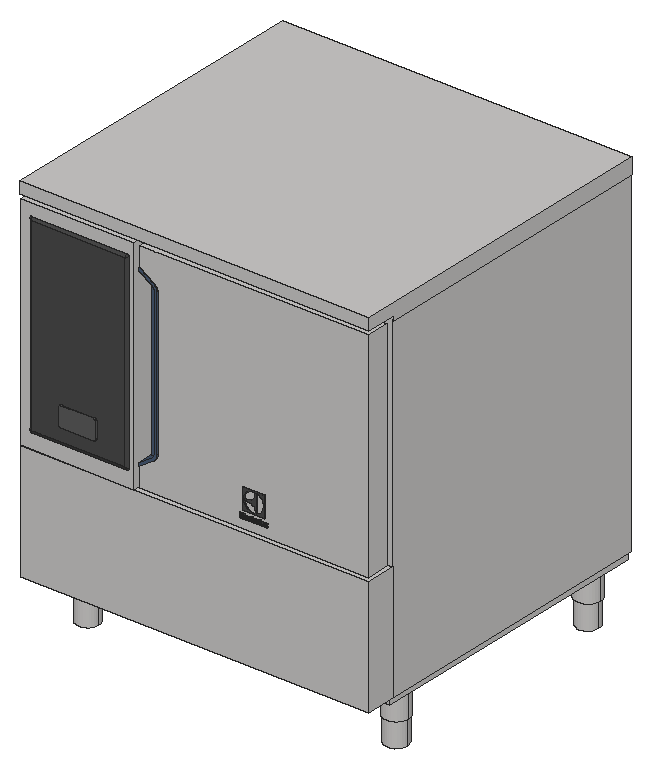
Revit family "QF_ELECTROLUXPROFESSIONAL_727733_EBFA61RTE", category Specialty Equipment, Revit 2018
Family settings
  Round Connector Dimension = Use Diameter
  Part Type = Normal
  Work Plane-Based = No
  Always vertical = Yes
  Cut with Voids When Loaded = No
  Shared = No
  Room Calculation Point = No
Parameters
  Weight = 0.00 kg
  Watts = 0 W
  Volts = 220 V
  URL Manufacturer = "http://professional.electrolux.com"
  URL = "http://professional.electrolux.com"
  Steam Supply Size = 0 mm
  Steam Supply Minimum Pressure = 0.0 Pa
  Steam Supply Maximum Pressure = 0.0 Pa
  Steam Pounds per Hour = 0
  Show Logo [instance] = yes
  Show Clearance [instance] = yes
  Refrigeration Suction Line Size = 0 mm
  Refrigeration Liquid Line Size = 0 mm
  Refrigerant Compressor Remote = yes
  Manufacturer = "Electrolux"
  Phase = 1
  Model = "EBFA61RTE"
  Length Actual = 897 mm  # constant formula
  Item Number = "727733"
  Hot Water Size = 0 mm
  Height Actual = 1060 mm  # constant formula
  HP = "1.3 HP"
  Gas Size = 0 mm
  Gas KW = 0
  Gas Input Pressure = 0 W
  Direct Waste Size = 139.7 mm
  Description = "SKYLINE CHILLS BLAST CHILLER FREEZER 30/30KG 6 GN 1/1 - WITH TOP - REMOTE REFRIGERATING UNIT"
  Depth Actual = 937 mm  # constant formula
  Cycle = 60 Hz
  Condensate Return Size = 0 mm
  Compressed Air Volume = 0.0 L/s
  Compressed Air Size = 0 mm
  Compressed Air Pressure = 0.0 Pa
  Cold Water Size = 0 mm
  Accessory = yes
Reference planes
  plane 1 "Center X": y = 126.851
  plane 2: z = 0
  plane 3 "Center Y": x = -311.5
  plane 4 "LEFT": x = -760
  plane 5 "BACK": y = 548.851
  plane 6 "RIGHT": x = 137
  plane 7 "FRONT": y = -295.149
  plane 8: z = 130
  plane 9 "TOP": z = 1060.038
  plane 10: x = -708
  plane 11: y = 473.851
  plane 12: x = 85
  plane 13: y = -142.149
  plane 14: z = 1020.038
  plane 15: y = 641.851
  plane 16: y = -847.149
Forms (mm)
  Extrusion 1, solid, material "QF_Finishes_Stainless Steel"
    sketch origin (0, 0, 1060.038) x (-1, 0, 0) y (0, -1, 0)
      loop
        line (759, -548.851) -> (759, 216.149) -> (-136, 216.149) -> (-136, -548.851) -> (759, -548.851)
    from -40 to -910.018
  Extrusion 2, solid, material "QF_Finishes_Stainless Steel"
    sketch origin (0, -295.149, 0) x (-1, 0, 0) y (0, 0, 1)
      loop
        line (451.2, 1020.033) -> (-135.995, 1020.033) -> (-135.995, 462.497) -> (451.2, 462.497) -> (451.2, 513.683) -> (415.41, 537.406)
        arc (415.41, 537.406) -> (408.839, 544.616) -> (406.46, 554.076) r 20
        line (406.46, 554.076) -> (406.46, 928.989)
        arc (406.46, 928.989) -> (408.716, 937.969) -> (414.947, 944.816) r 19
        line (414.947, 944.816) -> (451.2, 968.898) -> (451.2, 1020.033)
    from 0 to 60
  Extrusion 3, void
    sketch origin (-759, -216.149, 1060.038) x (-1, 0, 0) y (0, 0, 1)
      loop
        line (-370.8, -100) -> (-826.8, -100) -> (-826.8, -491.98) -> (-370.8, -491.98) -> (-370.8, -100)
    from 0 to 703
  Extrusion 4, solid, material "QF_Finishes_Stainless Steel"
    sketch origin (-760, -0.954, 0) x (0, 1, 0) y (0, 0, 1)
      loop
        line (549.805, 694.306) -> (549.805, 392.314) -> (635.5, 399.789)
        arc (635.5, 399.789) -> (640.702, 402.354) -> (642.805, 407.759) r 8
        line (642.805, 407.759) -> (642.805, 433.233)
        arc (642.805, 433.233) -> (638.783, 442.547) -> (642.805, 451.86) r 12.795
        line (642.805, 451.86) -> (642.805, 483.24)
        arc (642.805, 483.24) -> (638.783, 492.554) -> (642.805, 501.867) r 12.795
        line (642.805, 501.867) -> (642.805, 533.247)
        arc (642.805, 533.247) -> (638.783, 542.56) -> (642.805, 551.874) r 12.795
        line (642.805, 551.874) -> (642.805, 583.254)
        arc (642.805, 583.254) -> (638.783, 592.567) -> (642.805, 601.881) r 12.795
        line (642.805, 601.881) -> (642.805, 634.796)
        arc (642.805, 634.796) -> (641.466, 639.795) -> (637.808, 643.455) r 10
        line (637.808, 643.455) -> (549.805, 694.306)
    from 123.244 to 306.92
  Extrusion 5, solid, material "QF_Finishes_Stainless Steel"
    sketch origin (-817.599, 548.851, 1060.038) x (1, 0, 0) y (0, 0, -1)
      loop
        circle (121.599, 802.038) r 10.5
    from 0 to 29
  Extrusion 6, solid, material "QF_Finishes_Stainless Steel"
    sketch origin (0, -235.149, 0) x (-1, 0, 0) y (0, 0, 1)
      loop
        arc (406.46, 554.076) -> (408.839, 544.616) -> (415.41, 537.406) r 20
        line (415.41, 537.406) -> (451.2, 513.683) -> (451.2, 968.898) -> (414.947, 944.816)
        arc (414.947, 944.816) -> (408.716, 937.969) -> (406.46, 928.989) r 19
        line (406.46, 928.989) -> (406.46, 554.076)
    from -21 to 0
  Extrusion 7, solid, material "QF_Finishes_Electrolux_Blue"
    sketch origin (0, -295.149, 0) x (1, 0, 0) y (0, 0, 1)
      loop
        line (-451.2, 968.898) -> (-453.7, 968.898) -> (-453.7, 962.755) -> (-418.543, 939.401)
        arc (-418.543, 939.401) -> (-414.444, 934.897) -> (-412.96, 928.989) r 12.5
        line (-412.96, 928.989) -> (-412.96, 554.076)
        arc (-412.96, 554.076) -> (-414.566, 547.691) -> (-419.001, 542.824) r 13.5
        line (-419.001, 542.824) -> (-453.7, 519.824) -> (-453.7, 513.683) -> (-451.2, 513.683) -> (-415.41, 537.406)
        arc (-415.41, 537.406) -> (-408.839, 544.616) -> (-406.46, 554.076) r 20
        line (-406.46, 554.076) -> (-406.46, 928.989)
        arc (-406.46, 928.989) -> (-408.716, 937.969) -> (-414.947, 944.816) r 19
        line (-414.947, 944.816) -> (-451.2, 968.898)
    from -39 to 1
  Extrusion 8, solid, material "QF_Finishes_Stainless Steel"
    sketch origin (0, 0, 1060.038) x (-1, 0, 0) y (0, -1, 0)
      loop
        line (759, 295.149) -> (467.2, 295.149) -> (467.2, 217.149) -> (759, 217.149) -> (759, 295.149)
    from -40 to -607
  Extrusion 9, solid, material "QF_Finishes_Stainless Steel"
    sketch origin (-1206.916, -1524, 130) x (-1, 0, 0) y (0, -1, 0)
      loop
        line (-447.916, -1228.851) -> (-1342.916, -1228.851) -> (-1342.916, -1306.851) -> (-447.916, -1306.851) -> (-447.916, -1228.851)
    from 322 to 20.02
  Extrusion 10, solid, material "QF_Finishes_Stainless Steel"
    sketch origin (-311.5, 0, 0) x (0, 1, 0) y (0, 0, 1)
      loop
        line (548.851, 1060.038) -> (-295.149, 1060.038) -> (-295.149, 1030.034) -> (-216.149, 1030.034) -> (-216.149, 1020.038) -> (548.851, 1020.038) -> (548.851, 1060.038)
    from -448.5 to 448.5
  Extrusion 11, solid, material "QF_Finishes_Stainless Steel"
    sketch origin (0, 0, 1060.038) x (-1, 0, 0) y (0, -1, 0)
      loop
        line (748.993, -548.851) -> (748.993, 214.216) -> (-125.993, 214.216) -> (-125.993, -548.851) -> (748.993, -548.851)
    from -910.018 to -930.038
  Extrusion 12, solid, material "QF_Finishes_Stainless Steel"
    sketch origin (0, 0, 130) x (0, -1, 0) y (-1, 0, 0)
      loop
        circle (-215.851, 360) r 9.5
    from 0 to 31.68
  Extrusion 13, void
    sketch origin (0, 0, 1060.038) x (-1, 0, 0) y (0, -1, 0)
      loop
        line (627.033, -641.851) -> (636.756, -641.851) -> (636.756, -548.851) -> (635.125, -548.851) -> (627.033, -641.851)
      loop
        line (454.711, -548.851) -> (453.08, -548.851) -> (453.08, -641.851) -> (462.803, -641.851) -> (454.711, -548.851)
    from -673 to -363
  Extrusion 14, solid, material "QF_Door-Drawer Clearances", visible <- "Show Clearance", detail levels coarse
    sketch origin (143, -393.449, 0) x (0, -1, 0) y (0, 0, 1)
      loop
        line (451.2, 1020.033) -> (-98.3, 1020.033) -> (-98.3, 462.497) -> (451.2, 462.497) -> (451.2, 513.683) -> (415.41, 537.406)
        arc (415.41, 537.406) -> (408.839, 544.616) -> (406.46, 554.076) r 20
        line (406.46, 554.076) -> (406.46, 928.989)
        arc (406.46, 928.989) -> (408.716, 937.969) -> (414.947, 944.816) r 19
        line (414.947, 944.816) -> (451.2, 968.898) -> (451.2, 1020.033)
    from 0 to 60
  Extrusion 15, solid, material "QF_Door-Drawer Clearances", visible <- "Show Clearance", detail levels coarse
    sketch origin (83, -393.449, 0) x (0, -1, 0) y (0, 0, 1)
      loop
        arc (406.46, 554.076) -> (408.839, 544.616) -> (415.41, 537.406) r 20
        line (415.41, 537.406) -> (451.2, 513.683) -> (451.2, 968.898) -> (414.947, 944.816)
        arc (414.947, 944.816) -> (408.716, 937.969) -> (406.46, 928.989) r 19
        line (406.46, 928.989) -> (406.46, 554.076)
    from -21 to 0
  Extrusion 16, solid, material "QF_Door-Drawer Clearances", visible <- "Show Clearance", detail levels coarse
    sketch origin (143, -393.449, 0) x (0, 1, 0) y (0, 0, 1)
      loop
        line (-451.2, 968.898) -> (-453.7, 968.898) -> (-453.7, 962.755) -> (-418.543, 939.401)
        arc (-418.543, 939.401) -> (-414.444, 934.897) -> (-412.96, 928.989) r 12.5
        line (-412.96, 928.989) -> (-412.96, 554.076)
        arc (-412.96, 554.076) -> (-414.566, 547.691) -> (-419.001, 542.824) r 13.5
        line (-419.001, 542.824) -> (-453.7, 519.824) -> (-453.7, 513.683) -> (-451.2, 513.683) -> (-415.41, 537.406)
        arc (-415.41, 537.406) -> (-408.839, 544.616) -> (-406.46, 554.076) r 20
        line (-406.46, 554.076) -> (-406.46, 928.989)
        arc (-406.46, 928.989) -> (-408.716, 937.969) -> (-414.947, 944.816) r 19
        line (-414.947, 944.816) -> (-451.2, 968.898)
    from -39 to 1
  Extrusion 17, solid, material "QF_Door-Drawer Clearances", visible <- "Show Clearance", detail levels coarse
    sketch origin (0, 0, 1060.038) x (-1, 0, 0) y (0, -1, 0)
      loop
        line (-83, 295.149) -> (451.2, 295.149)
        arc (451.2, 295.149) -> (290.883, 673.709) -> (-83, 844.649) r 567.425
        line (-83, 844.649) -> (-83, 295.149)
    from -597.541 to -40
  Extrusion 18, solid, material "QF_Finishes_Stainless Steel"
    sketch origin (-760, 548.851, 1060.038) x (1, 0, 0) y (0, 0, -1)
      loop
        circle (170, 844.038) r 3.15
    from -100 to -80
  Extrusion 19, solid, material "QF_Finishes_Stainless Steel"
    sketch origin (-774.489, 548.851, 1056.156) x (1, 0, 0) y (0, 0, -1)
      loop
        circle (239.489, 834.156) r 7
    from -100 to -20
Cuts and joins
  Extrusion 3 cuts Extrusion 1
  Extrusion 13 cuts Extrusion 4
  joined: Extrusion 1, Extrusion 4, Extrusion 5, Extrusion 10, Extrusion 11, Extrusion 12
  joined: Extrusion 2, Extrusion 6
  joined: Extrusion 14, Extrusion 15, Extrusion 16, Extrusion 17
Lines and regions (mm)
  Split face 1
    outline origin (-489, -295.149, 130) x (-1, 0, 0) y (0, 0, -1)
      loop
        line (-132.388, -290.639) -> (-22.373, -290.639) -> (-22.373, -285.612) -> (-132.388, -285.612) -> (-132.388, -290.639)
  Split face 2
    outline origin (-489, -295.149, 120.528) x (-1, 0, 0) y (0, 0, -1)
      loop
        line (-132.388, -290.639) -> (-22.373, -290.639) -> (-22.373, -285.612) -> (-132.388, -285.612) -> (-132.388, -290.639)
  Split face 3
    outline origin (-489, -295.149, 111.056) x (-1, 0, 0) y (0, 0, -1)
      loop
        line (-132.388, -290.639) -> (-22.373, -290.639) -> (-22.373, -285.612) -> (-132.388, -285.612) -> (-132.388, -290.639)
  Split face 4
    outline origin (-489, -295.149, 101.583) x (-1, 0, 0) y (0, 0, -1)
      loop
        line (-132.388, -290.639) -> (-22.373, -290.639) -> (-22.373, -285.612) -> (-132.388, -285.612) -> (-132.388, -290.639)
  Split face 5
    outline origin (-489, -295.149, 92.111) x (-1, 0, 0) y (0, 0, -1)
      loop
        line (-132.388, -290.639) -> (-22.373, -290.639) -> (-22.373, -285.612) -> (-132.388, -285.612) -> (-132.388, -290.639)
  Split face 6
    outline origin (-489, -295.149, 82.639) x (-1, 0, 0) y (0, 0, -1)
      loop
        line (-132.388, -290.639) -> (-22.373, -290.639) -> (-22.373, -285.612) -> (-132.388, -285.612) -> (-132.388, -290.639)
  Split face 7
    outline origin (-489, -295.149, 73.167) x (-1, 0, 0) y (0, 0, -1)
      loop
        line (-132.388, -290.639) -> (-22.373, -290.639) -> (-22.373, -285.612) -> (-132.388, -285.612) -> (-132.388, -290.639)
  Split face 8
    outline origin (-489, -295.149, 63.695) x (-1, 0, 0) y (0, 0, -1)
      loop
        line (-132.388, -290.639) -> (-22.373, -290.639) -> (-22.373, -285.612) -> (-132.388, -285.612) -> (-132.388, -290.639)
  Split face 9
    outline origin (-489, -295.149, 54.223) x (-1, 0, 0) y (0, 0, -1)
      loop
        line (-132.388, -290.639) -> (-22.373, -290.639) -> (-22.373, -285.612) -> (-132.388, -285.612) -> (-132.388, -290.639)
  Split face 10
    outline origin (-489, -295.149, 44.75) x (-1, 0, 0) y (0, 0, -1)
      loop
        line (-132.388, -290.639) -> (-22.373, -290.639) -> (-22.373, -285.612) -> (-132.388, -285.612) -> (-132.388, -290.639)
  Split face 11
    outline origin (-489, -295.149, 35.278) x (-1, 0, 0) y (0, 0, -1)
      loop
        line (-132.388, -290.639) -> (-22.373, -290.639) -> (-22.373, -285.612) -> (-132.388, -285.612) -> (-132.388, -290.639)
  Split face 12
    outline origin (-489, -295.149, 25.806) x (-1, 0, 0) y (0, 0, -1)
      loop
        line (-132.388, -290.639) -> (-22.373, -290.639) -> (-22.373, -285.612) -> (-132.388, -285.612) -> (-132.388, -290.639)
  Split face 13
    outline origin (-489, -295.149, 16.334) x (-1, 0, 0) y (0, 0, -1)
      loop
        line (-132.388, -290.639) -> (-22.373, -290.639) -> (-22.373, -285.612) -> (-132.388, -285.612) -> (-132.388, -290.639)
  Split face 14
    outline origin (-489, -295.149, 6.862) x (-1, 0, 0) y (0, 0, -1)
      loop
        line (-132.388, -290.639) -> (-22.373, -290.639) -> (-22.373, -285.612) -> (-132.388, -285.612) -> (-132.388, -290.639)
  Split face 15
    outline origin (-489, -295.149, -2.611) x (-1, 0, 0) y (0, 0, -1)
      loop
        line (-132.388, -290.639) -> (-22.373, -290.639) -> (-22.373, -285.612) -> (-132.388, -285.612) -> (-132.388, -290.639)
  Split face 16
    outline origin (-489, -295.149, -12.083) x (-1, 0, 0) y (0, 0, -1)
      loop
        line (-132.388, -290.639) -> (-22.373, -290.639) -> (-22.373, -285.612) -> (-132.388, -285.612) -> (-132.388, -290.639)
  Split face 17
    outline origin (-489, -295.149, -21.555) x (-1, 0, 0) y (0, 0, -1)
      loop
        line (-132.388, -290.639) -> (-22.373, -290.639) -> (-22.373, -285.612) -> (-132.388, -285.612) -> (-132.388, -290.639)
  Split face 18
    outline origin (-489, -295.149, -31.027) x (-1, 0, 0) y (0, 0, -1)
      loop
        line (-132.388, -290.639) -> (-22.373, -290.639) -> (-22.373, -285.612) -> (-132.388, -285.612) -> (-132.388, -290.639)
  Split face 19
    outline origin (-489, -295.149, -40.499) x (-1, 0, 0) y (0, 0, -1)
      loop
        line (-132.388, -290.639) -> (-22.373, -290.639) -> (-22.373, -285.612) -> (-132.388, -285.612) -> (-132.388, -290.639)
  Split face 20
    outline origin (-489, -295.149, -49.972) x (-1, 0, 0) y (0, 0, -1)
      loop
        line (-132.388, -290.639) -> (-22.373, -290.639) -> (-22.373, -285.612) -> (-132.388, -285.612) -> (-132.388, -290.639)
  Split face 21
    outline origin (-489, -295.149, -59.444) x (-1, 0, 0) y (0, 0, -1)
      loop
        line (-132.388, -290.639) -> (-22.373, -290.639) -> (-22.373, -285.612) -> (-132.388, -285.612) -> (-132.388, -290.639)
  Split face 22
    outline origin (-489, -295.149, -68.916) x (-1, 0, 0) y (0, 0, -1)
      loop
        line (-132.388, -290.639) -> (-22.373, -290.639) -> (-22.373, -285.612) -> (-132.388, -285.612) -> (-132.388, -290.639)
  Split face 23
    outline origin (-489, -295.149, -78.388) x (-1, 0, 0) y (0, 0, -1)
      loop
        line (-132.388, -290.639) -> (-22.373, -290.639) -> (-22.373, -285.612) -> (-132.388, -285.612) -> (-132.388, -290.639)
  Split face 24
    outline origin (-489, -295.149, -87.86) x (-1, 0, 0) y (0, 0, -1)
      loop
        line (-132.388, -290.639) -> (-22.373, -290.639) -> (-22.373, -285.612) -> (-132.388, -285.612) -> (-132.388, -290.639)
  Split face 25
    outline origin (-489, -295.149, -97.332) x (-1, 0, 0) y (0, 0, -1)
      loop
        line (-132.388, -290.639) -> (-22.373, -290.639) -> (-22.373, -285.612) -> (-132.388, -285.612) -> (-132.388, -290.639)
  Split face 26
    outline origin (-489, -295.149, -106.805) x (-1, 0, 0) y (0, 0, -1)
      loop
        line (-132.388, -290.639) -> (-22.373, -290.639) -> (-22.373, -285.612) -> (-132.388, -285.612) -> (-132.388, -290.639)
  Split face 27
    outline origin (-373.984, -295.149, 130) x (-1, 0, 0) y (0, 0, -1)
      loop
        line (-132.388, -290.639) -> (-22.373, -290.639) -> (-22.373, -285.612) -> (-132.388, -285.612) -> (-132.388, -290.639)
  Split face 28
    outline origin (-373.984, -295.149, 120.528) x (-1, 0, 0) y (0, 0, -1)
      loop
        line (-132.388, -290.639) -> (-22.373, -290.639) -> (-22.373, -285.612) -> (-132.388, -285.612) -> (-132.388, -290.639)
  Split face 29
    outline origin (-373.984, -295.149, 111.056) x (-1, 0, 0) y (0, 0, -1)
      loop
        line (-132.388, -290.639) -> (-22.373, -290.639) -> (-22.373, -285.612) -> (-132.388, -285.612) -> (-132.388, -290.639)
  Split face 30
    outline origin (-373.984, -295.149, 101.583) x (-1, 0, 0) y (0, 0, -1)
      loop
        line (-132.388, -290.639) -> (-22.373, -290.639) -> (-22.373, -285.612) -> (-132.388, -285.612) -> (-132.388, -290.639)
  Split face 31
    outline origin (-373.984, -295.149, 92.111) x (-1, 0, 0) y (0, 0, -1)
      loop
        line (-132.388, -290.639) -> (-22.373, -290.639) -> (-22.373, -285.612) -> (-132.388, -285.612) -> (-132.388, -290.639)
  Split face 32
    outline origin (-373.984, -295.149, 82.639) x (-1, 0, 0) y (0, 0, -1)
      loop
        line (-132.388, -290.639) -> (-22.373, -290.639) -> (-22.373, -285.612) -> (-132.388, -285.612) -> (-132.388, -290.639)
  Split face 33
    outline origin (-373.984, -295.149, 73.167) x (-1, 0, 0) y (0, 0, -1)
      loop
        line (-132.388, -290.639) -> (-22.373, -290.639) -> (-22.373, -285.612) -> (-132.388, -285.612) -> (-132.388, -290.639)
  Split face 34
    outline origin (-373.984, -295.149, 63.695) x (-1, 0, 0) y (0, 0, -1)
      loop
        line (-132.388, -290.639) -> (-22.373, -290.639) -> (-22.373, -285.612) -> (-132.388, -285.612) -> (-132.388, -290.639)
  Split face 35
    outline origin (-373.984, -295.149, 54.223) x (-1, 0, 0) y (0, 0, -1)
      loop
        line (-132.388, -290.639) -> (-22.373, -290.639) -> (-22.373, -285.612) -> (-132.388, -285.612) -> (-132.388, -290.639)
  Split face 36
    outline origin (-373.984, -295.149, 44.75) x (-1, 0, 0) y (0, 0, -1)
      loop
        line (-132.388, -290.639) -> (-22.373, -290.639) -> (-22.373, -285.612) -> (-132.388, -285.612) -> (-132.388, -290.639)
  Split face 37
    outline origin (-373.984, -295.149, 35.278) x (-1, 0, 0) y (0, 0, -1)
      loop
        line (-132.388, -290.639) -> (-22.373, -290.639) -> (-22.373, -285.612) -> (-132.388, -285.612) -> (-132.388, -290.639)
  Split face 38
    outline origin (-373.984, -295.149, 25.806) x (-1, 0, 0) y (0, 0, -1)
      loop
        line (-132.388, -290.639) -> (-22.373, -290.639) -> (-22.373, -285.612) -> (-132.388, -285.612) -> (-132.388, -290.639)
  Split face 39
    outline origin (-373.984, -295.149, 16.334) x (-1, 0, 0) y (0, 0, -1)
      loop
        line (-132.388, -290.639) -> (-22.373, -290.639) -> (-22.373, -285.612) -> (-132.388, -285.612) -> (-132.388, -290.639)
  Split face 40
    outline origin (-373.984, -295.149, 6.862) x (-1, 0, 0) y (0, 0, -1)
      loop
        line (-132.388, -290.639) -> (-22.373, -290.639) -> (-22.373, -285.612) -> (-132.388, -285.612) -> (-132.388, -290.639)
  Split face 41
    outline origin (-373.984, -295.149, -2.611) x (-1, 0, 0) y (0, 0, -1)
      loop
        line (-132.388, -290.639) -> (-22.373, -290.639) -> (-22.373, -285.612) -> (-132.388, -285.612) -> (-132.388, -290.639)
  Split face 42
    outline origin (-373.984, -295.149, -12.083) x (-1, 0, 0) y (0, 0, -1)
      loop
        line (-132.388, -290.639) -> (-22.373, -290.639) -> (-22.373, -285.612) -> (-132.388, -285.612) -> (-132.388, -290.639)
  Split face 43
    outline origin (-373.984, -295.149, -21.555) x (-1, 0, 0) y (0, 0, -1)
      loop
        line (-132.388, -290.639) -> (-22.373, -290.639) -> (-22.373, -285.612) -> (-132.388, -285.612) -> (-132.388, -290.639)
  Split face 44
    outline origin (-373.984, -295.149, -31.027) x (-1, 0, 0) y (0, 0, -1)
      loop
        line (-132.388, -290.639) -> (-22.373, -290.639) -> (-22.373, -285.612) -> (-132.388, -285.612) -> (-132.388, -290.639)
  Split face 45
    outline origin (-373.984, -295.149, -40.499) x (-1, 0, 0) y (0, 0, -1)
      loop
        line (-132.388, -290.639) -> (-22.373, -290.639) -> (-22.373, -285.612) -> (-132.388, -285.612) -> (-132.388, -290.639)
  Split face 46
    outline origin (-373.984, -295.149, -49.972) x (-1, 0, 0) y (0, 0, -1)
      loop
        line (-132.388, -290.639) -> (-22.373, -290.639) -> (-22.373, -285.612) -> (-132.388, -285.612) -> (-132.388, -290.639)
  Split face 47
    outline origin (-373.984, -295.149, -59.444) x (-1, 0, 0) y (0, 0, -1)
      loop
        line (-132.388, -290.639) -> (-22.373, -290.639) -> (-22.373, -285.612) -> (-132.388, -285.612) -> (-132.388, -290.639)
  Split face 48
    outline origin (-373.984, -295.149, -68.916) x (-1, 0, 0) y (0, 0, -1)
      loop
        line (-132.388, -290.639) -> (-22.373, -290.639) -> (-22.373, -285.612) -> (-132.388, -285.612) -> (-132.388, -290.639)
  Split face 49
    outline origin (-373.984, -295.149, -78.388) x (-1, 0, 0) y (0, 0, -1)
      loop
        line (-132.388, -290.639) -> (-22.373, -290.639) -> (-22.373, -285.612) -> (-132.388, -285.612) -> (-132.388, -290.639)
  Split face 50
    outline origin (-373.984, -295.149, -87.86) x (-1, 0, 0) y (0, 0, -1)
      loop
        line (-132.388, -290.639) -> (-22.373, -290.639) -> (-22.373, -285.612) -> (-132.388, -285.612) -> (-132.388, -290.639)
  Split face 51
    outline origin (-373.984, -295.149, -97.332) x (-1, 0, 0) y (0, 0, -1)
      loop
        line (-132.388, -290.639) -> (-22.373, -290.639) -> (-22.373, -285.612) -> (-132.388, -285.612) -> (-132.388, -290.639)
  Split face 52
    outline origin (-373.984, -295.149, -106.805) x (-1, 0, 0) y (0, 0, -1)
      loop
        line (-132.388, -290.639) -> (-22.373, -290.639) -> (-22.373, -285.612) -> (-132.388, -285.612) -> (-132.388, -290.639)
  Split face 53
    outline origin (-258.969, -295.149, 130) x (-1, 0, 0) y (0, 0, -1)
      loop
        line (-132.388, -290.639) -> (-22.373, -290.639) -> (-22.373, -285.612) -> (-132.388, -285.612) -> (-132.388, -290.639)
  Split face 54
    outline origin (-258.969, -295.149, 120.528) x (-1, 0, 0) y (0, 0, -1)
      loop
        line (-132.388, -290.639) -> (-22.373, -290.639) -> (-22.373, -285.612) -> (-132.388, -285.612) -> (-132.388, -290.639)
  Split face 55
    outline origin (-258.969, -295.149, 111.056) x (-1, 0, 0) y (0, 0, -1)
      loop
        line (-132.388, -290.639) -> (-22.373, -290.639) -> (-22.373, -285.612) -> (-132.388, -285.612) -> (-132.388, -290.639)
  Split face 56
    outline origin (-258.969, -295.149, 101.583) x (-1, 0, 0) y (0, 0, -1)
      loop
        line (-132.388, -290.639) -> (-22.373, -290.639) -> (-22.373, -285.612) -> (-132.388, -285.612) -> (-132.388, -290.639)
  Split face 57
    outline origin (-258.969, -295.149, 92.111) x (-1, 0, 0) y (0, 0, -1)
      loop
        line (-132.388, -290.639) -> (-22.373, -290.639) -> (-22.373, -285.612) -> (-132.388, -285.612) -> (-132.388, -290.639)
  Split face 58
    outline origin (-258.969, -295.149, 82.639) x (-1, 0, 0) y (0, 0, -1)
      loop
        line (-132.388, -290.639) -> (-22.373, -290.639) -> (-22.373, -285.612) -> (-132.388, -285.612) -> (-132.388, -290.639)
  Split face 59
    outline origin (-258.969, -295.149, 73.167) x (-1, 0, 0) y (0, 0, -1)
      loop
        line (-132.388, -290.639) -> (-22.373, -290.639) -> (-22.373, -285.612) -> (-132.388, -285.612) -> (-132.388, -290.639)
  Split face 60
    outline origin (-258.969, -295.149, 63.695) x (-1, 0, 0) y (0, 0, -1)
      loop
        line (-132.388, -290.639) -> (-22.373, -290.639) -> (-22.373, -285.612) -> (-132.388, -285.612) -> (-132.388, -290.639)
  Split face 61
    outline origin (-258.969, -295.149, 54.223) x (-1, 0, 0) y (0, 0, -1)
      loop
        line (-132.388, -290.639) -> (-22.373, -290.639) -> (-22.373, -285.612) -> (-132.388, -285.612) -> (-132.388, -290.639)
  Split face 62
    outline origin (-258.969, -295.149, 44.75) x (-1, 0, 0) y (0, 0, -1)
      loop
        line (-132.388, -290.639) -> (-22.373, -290.639) -> (-22.373, -285.612) -> (-132.388, -285.612) -> (-132.388, -290.639)
  Split face 63
    outline origin (-258.969, -295.149, 35.278) x (-1, 0, 0) y (0, 0, -1)
      loop
        line (-132.388, -290.639) -> (-22.373, -290.639) -> (-22.373, -285.612) -> (-132.388, -285.612) -> (-132.388, -290.639)
  Split face 64
    outline origin (-258.969, -295.149, 25.806) x (-1, 0, 0) y (0, 0, -1)
      loop
        line (-132.388, -290.639) -> (-22.373, -290.639) -> (-22.373, -285.612) -> (-132.388, -285.612) -> (-132.388, -290.639)
  Split face 65
    outline origin (-258.969, -295.149, 16.334) x (-1, 0, 0) y (0, 0, -1)
      loop
        line (-132.388, -290.639) -> (-22.373, -290.639) -> (-22.373, -285.612) -> (-132.388, -285.612) -> (-132.388, -290.639)
  Split face 66
    outline origin (-258.969, -295.149, 6.862) x (-1, 0, 0) y (0, 0, -1)
      loop
        line (-132.388, -290.639) -> (-22.373, -290.639) -> (-22.373, -285.612) -> (-132.388, -285.612) -> (-132.388, -290.639)
  Split face 67
    outline origin (-258.969, -295.149, -2.611) x (-1, 0, 0) y (0, 0, -1)
      loop
        line (-132.388, -290.639) -> (-22.373, -290.639) -> (-22.373, -285.612) -> (-132.388, -285.612) -> (-132.388, -290.639)
  Split face 68
    outline origin (-258.969, -295.149, -12.083) x (-1, 0, 0) y (0, 0, -1)
      loop
        line (-132.388, -290.639) -> (-22.373, -290.639) -> (-22.373, -285.612) -> (-132.388, -285.612) -> (-132.388, -290.639)
  Split face 69
    outline origin (-258.969, -295.149, -21.555) x (-1, 0, 0) y (0, 0, -1)
      loop
        line (-132.388, -290.639) -> (-22.373, -290.639) -> (-22.373, -285.612) -> (-132.388, -285.612) -> (-132.388, -290.639)
  Split face 70
    outline origin (-258.969, -295.149, -31.027) x (-1, 0, 0) y (0, 0, -1)
      loop
        line (-132.388, -290.639) -> (-22.373, -290.639) -> (-22.373, -285.612) -> (-132.388, -285.612) -> (-132.388, -290.639)
  Split face 71
    outline origin (-258.969, -295.149, -40.499) x (-1, 0, 0) y (0, 0, -1)
      loop
        line (-132.388, -290.639) -> (-22.373, -290.639) -> (-22.373, -285.612) -> (-132.388, -285.612) -> (-132.388, -290.639)
  Split face 72
    outline origin (-258.969, -295.149, -49.972) x (-1, 0, 0) y (0, 0, -1)
      loop
        line (-132.388, -290.639) -> (-22.373, -290.639) -> (-22.373, -285.612) -> (-132.388, -285.612) -> (-132.388, -290.639)
  Split face 73
    outline origin (-258.969, -295.149, -59.444) x (-1, 0, 0) y (0, 0, -1)
      loop
        line (-132.388, -290.639) -> (-22.373, -290.639) -> (-22.373, -285.612) -> (-132.388, -285.612) -> (-132.388, -290.639)
  Split face 74
    outline origin (-258.969, -295.149, -68.916) x (-1, 0, 0) y (0, 0, -1)
      loop
        line (-132.388, -290.639) -> (-22.373, -290.639) -> (-22.373, -285.612) -> (-132.388, -285.612) -> (-132.388, -290.639)
  Split face 75
    outline origin (-258.969, -295.149, -78.388) x (-1, 0, 0) y (0, 0, -1)
      loop
        line (-132.388, -290.639) -> (-22.373, -290.639) -> (-22.373, -285.612) -> (-132.388, -285.612) -> (-132.388, -290.639)
  Split face 76
    outline origin (-258.969, -295.149, -87.86) x (-1, 0, 0) y (0, 0, -1)
      loop
        line (-132.388, -290.639) -> (-22.373, -290.639) -> (-22.373, -285.612) -> (-132.388, -285.612) -> (-132.388, -290.639)
  Split face 77
    outline origin (-258.969, -295.149, -97.332) x (-1, 0, 0) y (0, 0, -1)
      loop
        line (-132.388, -290.639) -> (-22.373, -290.639) -> (-22.373, -285.612) -> (-132.388, -285.612) -> (-132.388, -290.639)
  Split face 78
    outline origin (-258.969, -295.149, -106.805) x (-1, 0, 0) y (0, 0, -1)
      loop
        line (-132.388, -290.639) -> (-22.373, -290.639) -> (-22.373, -285.612) -> (-132.388, -285.612) -> (-132.388, -290.639)
  Split face 79
    outline origin (-143.953, -295.149, 130) x (-1, 0, 0) y (0, 0, -1)
      loop
        line (-132.388, -290.639) -> (-22.373, -290.639) -> (-22.373, -285.612) -> (-132.388, -285.612) -> (-132.388, -290.639)
  Split face 80
    outline origin (-143.953, -295.149, 120.528) x (-1, 0, 0) y (0, 0, -1)
      loop
        line (-132.388, -290.639) -> (-22.373, -290.639) -> (-22.373, -285.612) -> (-132.388, -285.612) -> (-132.388, -290.639)
  Split face 81
    outline origin (-143.953, -295.149, 111.056) x (-1, 0, 0) y (0, 0, -1)
      loop
        line (-132.388, -290.639) -> (-22.373, -290.639) -> (-22.373, -285.612) -> (-132.388, -285.612) -> (-132.388, -290.639)
  Split face 82
    outline origin (-143.953, -295.149, 101.583) x (-1, 0, 0) y (0, 0, -1)
      loop
        line (-132.388, -290.639) -> (-22.373, -290.639) -> (-22.373, -285.612) -> (-132.388, -285.612) -> (-132.388, -290.639)
  Split face 83
    outline origin (-143.953, -295.149, 92.111) x (-1, 0, 0) y (0, 0, -1)
      loop
        line (-132.388, -290.639) -> (-22.373, -290.639) -> (-22.373, -285.612) -> (-132.388, -285.612) -> (-132.388, -290.639)
  Split face 84
    outline origin (-143.953, -295.149, 82.639) x (-1, 0, 0) y (0, 0, -1)
      loop
        line (-132.388, -290.639) -> (-22.373, -290.639) -> (-22.373, -285.612) -> (-132.388, -285.612) -> (-132.388, -290.639)
  Split face 85
    outline origin (-143.953, -295.149, 73.167) x (-1, 0, 0) y (0, 0, -1)
      loop
        line (-132.388, -290.639) -> (-22.373, -290.639) -> (-22.373, -285.612) -> (-132.388, -285.612) -> (-132.388, -290.639)
  Split face 86
    outline origin (-143.953, -295.149, 63.695) x (-1, 0, 0) y (0, 0, -1)
      loop
        line (-132.388, -290.639) -> (-22.373, -290.639) -> (-22.373, -285.612) -> (-132.388, -285.612) -> (-132.388, -290.639)
  Split face 87
    outline origin (-143.953, -295.149, 54.223) x (-1, 0, 0) y (0, 0, -1)
      loop
        line (-132.388, -290.639) -> (-22.373, -290.639) -> (-22.373, -285.612) -> (-132.388, -285.612) -> (-132.388, -290.639)
  Split face 88
    outline origin (-143.953, -295.149, 44.75) x (-1, 0, 0) y (0, 0, -1)
      loop
        line (-132.388, -290.639) -> (-22.373, -290.639) -> (-22.373, -285.612) -> (-132.388, -285.612) -> (-132.388, -290.639)
  Split face 89
    outline origin (-143.953, -295.149, 35.278) x (-1, 0, 0) y (0, 0, -1)
      loop
        line (-132.388, -290.639) -> (-22.373, -290.639) -> (-22.373, -285.612) -> (-132.388, -285.612) -> (-132.388, -290.639)
  Split face 90
    outline origin (-143.953, -295.149, 25.806) x (-1, 0, 0) y (0, 0, -1)
      loop
        line (-132.388, -290.639) -> (-22.373, -290.639) -> (-22.373, -285.612) -> (-132.388, -285.612) -> (-132.388, -290.639)
  Split face 91
    outline origin (-143.953, -295.149, 16.334) x (-1, 0, 0) y (0, 0, -1)
      loop
        line (-132.388, -290.639) -> (-22.373, -290.639) -> (-22.373, -285.612) -> (-132.388, -285.612) -> (-132.388, -290.639)
  Split face 92
    outline origin (-143.953, -295.149, 6.862) x (-1, 0, 0) y (0, 0, -1)
      loop
        line (-132.388, -290.639) -> (-22.373, -290.639) -> (-22.373, -285.612) -> (-132.388, -285.612) -> (-132.388, -290.639)
  Split face 93
    outline origin (-143.953, -295.149, -2.611) x (-1, 0, 0) y (0, 0, -1)
      loop
        line (-132.388, -290.639) -> (-22.373, -290.639) -> (-22.373, -285.612) -> (-132.388, -285.612) -> (-132.388, -290.639)
  Split face 94
    outline origin (-143.953, -295.149, -12.083) x (-1, 0, 0) y (0, 0, -1)
      loop
        line (-132.388, -290.639) -> (-22.373, -290.639) -> (-22.373, -285.612) -> (-132.388, -285.612) -> (-132.388, -290.639)
  Split face 95
    outline origin (-143.953, -295.149, -21.555) x (-1, 0, 0) y (0, 0, -1)
      loop
        line (-132.388, -290.639) -> (-22.373, -290.639) -> (-22.373, -285.612) -> (-132.388, -285.612) -> (-132.388, -290.639)
  Split face 96
    outline origin (-143.953, -295.149, -31.027) x (-1, 0, 0) y (0, 0, -1)
      loop
        line (-132.388, -290.639) -> (-22.373, -290.639) -> (-22.373, -285.612) -> (-132.388, -285.612) -> (-132.388, -290.639)
  Split face 97
    outline origin (-143.953, -295.149, -40.499) x (-1, 0, 0) y (0, 0, -1)
      loop
        line (-132.388, -290.639) -> (-22.373, -290.639) -> (-22.373, -285.612) -> (-132.388, -285.612) -> (-132.388, -290.639)
  Split face 98
    outline origin (-143.953, -295.149, -49.972) x (-1, 0, 0) y (0, 0, -1)
      loop
        line (-132.388, -290.639) -> (-22.373, -290.639) -> (-22.373, -285.612) -> (-132.388, -285.612) -> (-132.388, -290.639)
  Split face 99
    outline origin (-143.953, -295.149, -59.444) x (-1, 0, 0) y (0, 0, -1)
      loop
        line (-132.388, -290.639) -> (-22.373, -290.639) -> (-22.373, -285.612) -> (-132.388, -285.612) -> (-132.388, -290.639)
  Split face 100
    outline origin (-143.953, -295.149, -68.916) x (-1, 0, 0) y (0, 0, -1)
      loop
        line (-132.388, -290.639) -> (-22.373, -290.639) -> (-22.373, -285.612) -> (-132.388, -285.612) -> (-132.388, -290.639)
  Split face 101
    outline origin (-143.953, -295.149, -78.388) x (-1, 0, 0) y (0, 0, -1)
      loop
        line (-132.388, -290.639) -> (-22.373, -290.639) -> (-22.373, -285.612) -> (-132.388, -285.612) -> (-132.388, -290.639)
  Split face 102
    outline origin (-143.953, -295.149, -87.86) x (-1, 0, 0) y (0, 0, -1)
      loop
        line (-132.388, -290.639) -> (-22.373, -290.639) -> (-22.373, -285.612) -> (-132.388, -285.612) -> (-132.388, -290.639)
  Split face 103
    outline origin (-143.953, -295.149, -97.332) x (-1, 0, 0) y (0, 0, -1)
      loop
        line (-132.388, -290.639) -> (-22.373, -290.639) -> (-22.373, -285.612) -> (-132.388, -285.612) -> (-132.388, -290.639)
  Split face 104
    outline origin (-143.953, -295.149, -106.805) x (-1, 0, 0) y (0, 0, -1)
      loop
        line (-132.388, -290.639) -> (-22.373, -290.639) -> (-22.373, -285.612) -> (-132.388, -285.612) -> (-132.388, -290.639)
  Split face 105
    outline origin (-28.938, -295.149, 130) x (-1, 0, 0) y (0, 0, -1)
      loop
        line (-132.388, -290.639) -> (-22.373, -290.639) -> (-22.373, -285.612) -> (-132.388, -285.612) -> (-132.388, -290.639)
  Split face 106
    outline origin (-28.938, -295.149, 120.528) x (-1, 0, 0) y (0, 0, -1)
      loop
        line (-132.388, -290.639) -> (-22.373, -290.639) -> (-22.373, -285.612) -> (-132.388, -285.612) -> (-132.388, -290.639)
  Split face 107
    outline origin (-28.938, -295.149, 111.056) x (-1, 0, 0) y (0, 0, -1)
      loop
        line (-132.388, -290.639) -> (-22.373, -290.639) -> (-22.373, -285.612) -> (-132.388, -285.612) -> (-132.388, -290.639)
  Split face 108
    outline origin (-28.938, -295.149, 101.583) x (-1, 0, 0) y (0, 0, -1)
      loop
        line (-132.388, -290.639) -> (-22.373, -290.639) -> (-22.373, -285.612) -> (-132.388, -285.612) -> (-132.388, -290.639)
  Split face 109
    outline origin (-28.938, -295.149, 92.111) x (-1, 0, 0) y (0, 0, -1)
      loop
        line (-132.388, -290.639) -> (-22.373, -290.639) -> (-22.373, -285.612) -> (-132.388, -285.612) -> (-132.388, -290.639)
  Split face 110
    outline origin (-28.938, -295.149, 82.639) x (-1, 0, 0) y (0, 0, -1)
      loop
        line (-132.388, -290.639) -> (-22.373, -290.639) -> (-22.373, -285.612) -> (-132.388, -285.612) -> (-132.388, -290.639)
  Split face 111
    outline origin (-28.938, -295.149, 73.167) x (-1, 0, 0) y (0, 0, -1)
      loop
        line (-132.388, -290.639) -> (-22.373, -290.639) -> (-22.373, -285.612) -> (-132.388, -285.612) -> (-132.388, -290.639)
  Split face 112
    outline origin (-28.938, -295.149, 63.695) x (-1, 0, 0) y (0, 0, -1)
      loop
        line (-132.388, -290.639) -> (-22.373, -290.639) -> (-22.373, -285.612) -> (-132.388, -285.612) -> (-132.388, -290.639)
  Split face 113
    outline origin (-28.938, -295.149, 54.223) x (-1, 0, 0) y (0, 0, -1)
      loop
        line (-132.388, -290.639) -> (-22.373, -290.639) -> (-22.373, -285.612) -> (-132.388, -285.612) -> (-132.388, -290.639)
  Split face 114
    outline origin (-28.938, -295.149, 44.75) x (-1, 0, 0) y (0, 0, -1)
      loop
        line (-132.388, -290.639) -> (-22.373, -290.639) -> (-22.373, -285.612) -> (-132.388, -285.612) -> (-132.388, -290.639)
  Split face 115
    outline origin (-28.938, -295.149, 35.278) x (-1, 0, 0) y (0, 0, -1)
      loop
        line (-132.388, -290.639) -> (-22.373, -290.639) -> (-22.373, -285.612) -> (-132.388, -285.612) -> (-132.388, -290.639)
  Split face 116
    outline origin (-28.938, -295.149, 25.806) x (-1, 0, 0) y (0, 0, -1)
      loop
        line (-132.388, -290.639) -> (-22.373, -290.639) -> (-22.373, -285.612) -> (-132.388, -285.612) -> (-132.388, -290.639)
  Split face 117
    outline origin (-28.938, -295.149, 16.334) x (-1, 0, 0) y (0, 0, -1)
      loop
        line (-132.388, -290.639) -> (-22.373, -290.639) -> (-22.373, -285.612) -> (-132.388, -285.612) -> (-132.388, -290.639)
  Split face 118
    outline origin (-28.938, -295.149, 6.862) x (-1, 0, 0) y (0, 0, -1)
      loop
        line (-132.388, -290.639) -> (-22.373, -290.639) -> (-22.373, -285.612) -> (-132.388, -285.612) -> (-132.388, -290.639)
  Split face 119
    outline origin (-28.938, -295.149, -2.611) x (-1, 0, 0) y (0, 0, -1)
      loop
        line (-132.388, -290.639) -> (-22.373, -290.639) -> (-22.373, -285.612) -> (-132.388, -285.612) -> (-132.388, -290.639)
  Split face 120
    outline origin (-28.938, -295.149, -12.083) x (-1, 0, 0) y (0, 0, -1)
      loop
        line (-132.388, -290.639) -> (-22.373, -290.639) -> (-22.373, -285.612) -> (-132.388, -285.612) -> (-132.388, -290.639)
  Split face 121
    outline origin (-28.938, -295.149, -21.555) x (-1, 0, 0) y (0, 0, -1)
      loop
        line (-132.388, -290.639) -> (-22.373, -290.639) -> (-22.373, -285.612) -> (-132.388, -285.612) -> (-132.388, -290.639)
  Split face 122
    outline origin (-28.938, -295.149, -31.027) x (-1, 0, 0) y (0, 0, -1)
      loop
        line (-132.388, -290.639) -> (-22.373, -290.639) -> (-22.373, -285.612) -> (-132.388, -285.612) -> (-132.388, -290.639)
  Split face 123
    outline origin (-28.938, -295.149, -40.499) x (-1, 0, 0) y (0, 0, -1)
      loop
        line (-132.388, -290.639) -> (-22.373, -290.639) -> (-22.373, -285.612) -> (-132.388, -285.612) -> (-132.388, -290.639)
  Split face 124
    outline origin (-28.938, -295.149, -49.972) x (-1, 0, 0) y (0, 0, -1)
      loop
        line (-132.388, -290.639) -> (-22.373, -290.639) -> (-22.373, -285.612) -> (-132.388, -285.612) -> (-132.388, -290.639)
  Split face 125
    outline origin (-28.938, -295.149, -59.444) x (-1, 0, 0) y (0, 0, -1)
      loop
        line (-132.388, -290.639) -> (-22.373, -290.639) -> (-22.373, -285.612) -> (-132.388, -285.612) -> (-132.388, -290.639)
  Split face 126
    outline origin (-28.938, -295.149, -68.916) x (-1, 0, 0) y (0, 0, -1)
      loop
        line (-132.388, -290.639) -> (-22.373, -290.639) -> (-22.373, -285.612) -> (-132.388, -285.612) -> (-132.388, -290.639)
  Split face 127
    outline origin (-28.938, -295.149, -78.388) x (-1, 0, 0) y (0, 0, -1)
      loop
        line (-132.388, -290.639) -> (-22.373, -290.639) -> (-22.373, -285.612) -> (-132.388, -285.612) -> (-132.388, -290.639)
  Split face 128
    outline origin (-28.938, -295.149, -87.86) x (-1, 0, 0) y (0, 0, -1)
      loop
        line (-132.388, -290.639) -> (-22.373, -290.639) -> (-22.373, -285.612) -> (-132.388, -285.612) -> (-132.388, -290.639)
  Split face 129
    outline origin (-28.938, -295.149, -97.332) x (-1, 0, 0) y (0, 0, -1)
      loop
        line (-132.388, -290.639) -> (-22.373, -290.639) -> (-22.373, -285.612) -> (-132.388, -285.612) -> (-132.388, -290.639)
  Split face 130
    outline origin (-28.938, -295.149, -106.805) x (-1, 0, 0) y (0, 0, -1)
      loop
        line (-132.388, -290.639) -> (-22.373, -290.639) -> (-22.373, -285.612) -> (-132.388, -285.612) -> (-132.388, -290.639)
  symbolic lines
    curve 1: line (-760, 548.851, 1060.038) -> (137, 548.851, 1060.038)
    curve 2: line (-760, -295.149, 1060.038) -> (-760, 548.851, 1060.038)
    curve 3: line (137, -295.149, 1060.038) -> (-760, -295.149, 1060.038)
    curve 4: line (137, 548.851, 1060.038) -> (137, -295.149, 1060.038)
    curve 5: line (-725.5, -300.149, 1060.038) -> (-487.5, -300.149, 1060.038)
    curve 6: line (-487.5, -300.149, 1060.038) -> (-479.5, -295.149, 1060.038)
    curve 7: line (-725.5, -300.149, 1060.038) -> (-733.5, -295.149, 1060.038)
    curve 8: line (-635.125, 548.851, 1060.038) -> (-627.033, 641.851, 1060.038)
    curve 9: line (-627.033, 641.851, 1060.038) -> (-462.803, 641.851, 1060.038)
    curve 10: line (-462.803, 641.851, 1060.038) -> (-454.711, 548.851, 1060.038)
    curve 11: line (-706.5, 577.851, 1060.038) -> (-685.5, 577.851, 1060.038)
    curve 12: line (-685.5, 577.851, 1060.038) -> (-685.5, 548.851, 1060.038)
    curve 13: line (-706.5, 577.851, 1060.038) -> (-706.5, 548.851, 1060.038)
  symbolic lines, style "QF_Door-Drawer Clearances", visible <- "Show Clearance"
    curve 14: arc (-451.2, -295.149, 1060.038) -> (-290.883, -673.709, 1060.038) -> (83, -844.649, 1060.038) r 567.425
    curve 15: line (143, -844.649, 1060.038) -> (143, -295.149, 1060.038)
    curve 16: line (83, -844.649, 1060.038) -> (143, -844.649, 1060.038)
    curve 17: line (83, -844.649, 1060.038) -> (83, -295.149, 1060.038)
Dimensions and locks
  equal spacing: plane 4 "LEFT", plane 3 "Center Y", plane 6 "RIGHT"
  plane 4 "LEFT" to plane 6 "RIGHT" = 897 mm
  plane 5 "BACK" to plane 7 "FRONT" = 844 mm
  equal spacing: plane 5 "BACK", plane 1 "Center X", plane 7 "FRONT"
  cut or joined group of Extrusion 1, Extrusion 3, Extrusion 4, Extrusion 5, Extrusion 10, Extrusion 11, Extrusion 12, Extrusion 13 to Extrusion 5 sketch curve = 63 mm
  level to Extrusion 5 sketch curve = 258 mm
  plane 5 "BACK" to Extrusion 12 sketch curve = 333 mm
  plane 4 "LEFT" to Extrusion 12 sketch curve = 400 mm
  Extrusion 5 sketch curve to plane 4 "LEFT" = 64 mm
  Extrusion 18 sketch curve to plane 4 "LEFT" = 170 mm
  Extrusion 18 sketch curve to level = 216 mm
  Extrusion 19 sketch curve to plane 4 "LEFT" = 225 mm
  Extrusion 19 sketch curve to level = 222 mm
  aligned and locked: level to plane 2
  aligned and locked: plane 12 to nested 3
  aligned and locked: plane 12 to nested 2
  aligned and locked: plane 10 to nested 1
  aligned and locked: plane 10 to nested 4
  aligned and locked: Extrusion 6 to Extrusion 7
  aligned and locked: nested 4 to plane 11
  aligned and locked: nested 3 to plane 11
  aligned and locked: nested 1 to plane 13
  aligned and locked: nested 2 to plane 13
  aligned and locked: Extrusion 15 to Extrusion 16
Automatic sketch dimensions
  Extrusion 1 sketch curve to plane 5 "BACK" = 0 mm
  Extrusion 1 sketch curve to plane 6 "RIGHT" = 1 mm
  plane 4 "LEFT" to Extrusion 1 sketch curve = 1 mm
  Extrusion 1 sketch curve to plane 13 = 74 mm
  Extrusion 2 sketch curve to plane 14 = 0.005 mm
  Extrusion 2 sketch curve to plane 6 "RIGHT" = 1.005 mm
  Extrusion 2 sketch curve to plane 3 "Center Y" = 94.96 mm
  Extrusion 2 sketch curve to plane 14 = 75.222 mm
  Extrusion 2 sketch curve to Extrusion 2 sketch curve = 8.487 mm
  Extrusion 2 sketch curve to Extrusion 2 sketch curve = 8.95 mm
  Extrusion 2 sketch curve to Extrusion 2 sketch curve = 19 mm
  Extrusion 2 sketch curve to Extrusion 2 sketch curve = 20 mm
  Extrusion 2 sketch curve to Extrusion 2 sketch curve = 35.79 mm
  Extrusion 2 sketch curve to plane 14 = 51.14 mm
  Extrusion 2 sketch curve to Extrusion 2 sketch curve = 36.253 mm
  Extrusion 2 sketch curve to Extrusion 2 sketch curve = 374.913 mm
  Extrusion 2 sketch curve to Extrusion 2 sketch curve = 23.723 mm
  plane 8 to Extrusion 2 sketch curve = 332.497 mm
  Extrusion 1 to Extrusion 3 sketch curve = 68.2 mm
  Extrusion 3 sketch curve to Extrusion 1 = 370.8 mm
  Extrusion 3 sketch curve to Extrusion 1 = 418.038 mm
  Extrusion 3 sketch curve to Extrusion 1 = 60 mm
  curve 15 to plane 7 "FRONT" = 0 mm
  curve 3 to plane 6 "RIGHT" = 0 mm
  curve 17 to plane 7 "FRONT" = 0 mm
  curve 10 to plane 5 "BACK" = 0 mm
  curve 10 to plane 15 = 0 mm
  curve 2 to plane 4 "LEFT" = 0 mm
  plane 16 to curve 15 = 2.5 mm
  plane 6 "RIGHT" to curve 15 = 6 mm
  curve 14 to plane 6 "RIGHT" = 21.029 mm
  curve 17 to plane 12 = 2 mm
  curve 10 to plane 3 "Center Y" = 151.303 mm
  curve 6 to plane 7 "FRONT" = 5 mm
  curve 6 to plane 3 "Center Y" = 176 mm
  plane 10 to curve 8 = 80.967 mm
  plane 10 to curve 12 = 22.5 mm
  plane 10 to curve 13 = 1.5 mm
  curve 5 to plane 10 = 17.5 mm
  curve 13 to curve 13 = 29 mm
  plane 7 "FRONT" to curve 14 = 16.966 mm
  curve 10 to curve 9 = 8.092 mm
  curve 6 to curve 5 = 8 mm
  curve 8 to curve 12 = 50.375 mm
  curve 5 to curve 7 = 8 mm
  Extrusion 4 sketch curve to plane 5 "BACK" = 0 mm
  Extrusion 4 sketch curve to plane 15 = 0 mm  (x5)
  Extrusion 4 sketch curve to Extrusion 4 sketch curve = 10 mm
  Extrusion 4 sketch curve to Extrusion 4 sketch curve = 8 mm
  Extrusion 4 sketch curve to plane 15 = 7.305 mm
  Extrusion 4 sketch curve to plane 15 = 4.997 mm
  plane 15 to Extrusion 4 sketch curve = 8.773 mm  (x4)
  plane 8 to Extrusion 4 sketch curve = 262.314 mm
  Extrusion 4 sketch curve to Extrusion 4 sketch curve = 7.476 mm
  Extrusion 4 sketch curve to Extrusion 4 sketch curve = 25.474 mm
  Extrusion 4 sketch curve to Extrusion 4 sketch curve = 9.313 mm  (x4)
  Extrusion 4 sketch curve to Extrusion 4 sketch curve = 31.38 mm  (x3)
  Extrusion 4 sketch curve to Extrusion 4 sketch curve = 32.916 mm
  Extrusion 4 sketch curve to Extrusion 4 sketch curve = 50.851 mm
  Extrusion 2 to Extrusion 6 sketch curve = 0 mm  (x6)
  Extrusion 6 sketch curve to Extrusion 2 = 0 mm  (x2)
  Extrusion 2 to Extrusion 6 sketch curve = 8.487 mm
  Extrusion 2 to Extrusion 6 sketch curve = 8.95 mm
  Extrusion 6 sketch curve to Extrusion 6 sketch curve = 11.05 mm
  Extrusion 7 sketch curve to Extrusion 7 sketch curve = 0 mm  (x2)
  Extrusion 2 to Extrusion 7 sketch curve = 0 mm  (x3)
  Extrusion 7 sketch curve to Extrusion 2 = 0 mm  (x2)
  Extrusion 2 to Extrusion 7 sketch curve = 2.5 mm
  Extrusion 7 sketch curve to Extrusion 7 sketch curve = 2.5 mm
  Extrusion 7 sketch curve to Extrusion 7 sketch curve = 13.5 mm
  Extrusion 2 to Extrusion 7 sketch curve = 12.541 mm
  Extrusion 7 sketch curve to Extrusion 7 sketch curve = 5.583 mm
  Extrusion 7 sketch curve to Extrusion 7 sketch curve = 3.591 mm
  Extrusion 7 sketch curve to Extrusion 7 sketch curve = 3.597 mm
  Extrusion 7 sketch curve to Extrusion 7 sketch curve = 6.141 mm
  Extrusion 7 sketch curve to Extrusion 7 sketch curve = 6.143 mm
  Extrusion 8 sketch curve to plane 7 "FRONT" = 0 mm
  Extrusion 8 sketch curve to plane 13 = 75 mm
  Extrusion 8 sketch curve to plane 3 "Center Y" = 155.7 mm
  plane 4 "LEFT" to Extrusion 8 sketch curve = 1 mm
  Extrusion 9 sketch curve to plane 7 "FRONT" = 0 mm
  Extrusion 9 sketch curve to plane 6 "RIGHT" = 1 mm
  plane 4 "LEFT" to Extrusion 9 sketch curve = 1 mm
  Extrusion 9 sketch curve to plane 13 = 75 mm
  Extrusion 10 sketch curve to plane 7 "FRONT" = 0 mm
  Extrusion 10 sketch curve to plane 14 = 0 mm
  Extrusion 10 sketch curve to plane 5 "BACK" = 0 mm
  Extrusion 10 sketch curve to plane 9 "TOP" = 0 mm
  Extrusion 10 sketch curve to plane 13 = 74 mm
  plane 14 to Extrusion 10 sketch curve = 9.996 mm
  Extrusion 11 sketch curve to plane 5 "BACK" = 0 mm
  Extrusion 11 sketch curve to plane 6 "RIGHT" = 11.007 mm
  plane 4 "LEFT" to Extrusion 11 sketch curve = 11.007 mm
  Extrusion 11 sketch curve to plane 13 = 72.066 mm
  Split face 1 sketch curve to Extrusion 9 = 31.361 mm
  Split face 1 sketch curve to Extrusion 9 = 402.388 mm
  Split face 1 sketch curve to Extrusion 9 = 36.388 mm
  Split face 1 sketch curve to Split face 1 sketch curve = 110.015 mm
  Split face 2 sketch curve to Extrusion 9 = 40.833 mm
  Split face 2 sketch curve to Extrusion 9 = 402.388 mm
  Split face 2 sketch curve to Extrusion 9 = 45.86 mm
  Split face 2 sketch curve to Split face 2 sketch curve = 110.015 mm
  Split face 3 sketch curve to Extrusion 9 = 50.305 mm
  Split face 3 sketch curve to Extrusion 9 = 402.388 mm
  Split face 3 sketch curve to Split face 3 sketch curve = 110.015 mm
  Split face 3 sketch curve to Split face 3 sketch curve = 5.027 mm
  Split face 4 sketch curve to Extrusion 9 = 59.777 mm
  Split face 4 sketch curve to Extrusion 9 = 402.388 mm
  Split face 4 sketch curve to Split face 4 sketch curve = 110.015 mm
  Split face 4 sketch curve to Split face 4 sketch curve = 5.027 mm
  Split face 5 sketch curve to Extrusion 9 = 69.25 mm
  Split face 5 sketch curve to Extrusion 9 = 402.388 mm
  Split face 5 sketch curve to Split face 5 sketch curve = 110.015 mm
  Split face 5 sketch curve to Split face 5 sketch curve = 5.027 mm
  Split face 6 sketch curve to Extrusion 9 = 78.722 mm
  Split face 6 sketch curve to Extrusion 9 = 402.388 mm
  Split face 6 sketch curve to Split face 6 sketch curve = 110.015 mm
  Split face 6 sketch curve to Split face 6 sketch curve = 5.027 mm
  Split face 7 sketch curve to Extrusion 9 = 88.194 mm
  Split face 7 sketch curve to Extrusion 9 = 402.388 mm
  Split face 7 sketch curve to Split face 7 sketch curve = 110.015 mm
  Split face 7 sketch curve to Split face 7 sketch curve = 5.027 mm
  Split face 8 sketch curve to Extrusion 9 = 97.666 mm
  Split face 8 sketch curve to Extrusion 9 = 402.388 mm
  Split face 8 sketch curve to Split face 8 sketch curve = 110.015 mm
  Split face 8 sketch curve to Split face 8 sketch curve = 5.027 mm
  Split face 9 sketch curve to Extrusion 9 = 107.138 mm
  Split face 9 sketch curve to Extrusion 9 = 402.388 mm
  Split face 9 sketch curve to Split face 9 sketch curve = 110.015 mm
  Split face 9 sketch curve to Split face 9 sketch curve = 5.027 mm
  Split face 10 sketch curve to Extrusion 9 = 116.611 mm
  Split face 10 sketch curve to Extrusion 9 = 402.388 mm
  Split face 10 sketch curve to Split face 10 sketch curve = 110.015 mm
  Split face 10 sketch curve to Split face 10 sketch curve = 5.027 mm
  Split face 11 sketch curve to Extrusion 9 = 126.083 mm
  Split face 11 sketch curve to Extrusion 9 = 402.388 mm
  Split face 11 sketch curve to Split face 11 sketch curve = 110.015 mm
  Split face 11 sketch curve to Split face 11 sketch curve = 5.027 mm
  Split face 12 sketch curve to Extrusion 9 = 135.555 mm
  Split face 12 sketch curve to Extrusion 9 = 402.388 mm
  Split face 12 sketch curve to Split face 12 sketch curve = 110.015 mm
  Split face 12 sketch curve to Split face 12 sketch curve = 5.027 mm
  Split face 13 sketch curve to Extrusion 9 = 145.027 mm
  Split face 13 sketch curve to Extrusion 9 = 402.388 mm
  Split face 13 sketch curve to Split face 13 sketch curve = 110.015 mm
  Split face 13 sketch curve to Split face 13 sketch curve = 5.027 mm
  Split face 14 sketch curve to Extrusion 9 = 147.48 mm
  Split face 14 sketch curve to Extrusion 9 = 402.388 mm
  Split face 14 sketch curve to Split face 14 sketch curve = 110.015 mm
  Split face 14 sketch curve to Split face 14 sketch curve = 5.027 mm
  Split face 15 sketch curve to Extrusion 9 = 138.008 mm
  Split face 15 sketch curve to Extrusion 9 = 402.388 mm
  Split face 15 sketch curve to Split face 15 sketch curve = 110.015 mm
  Split face 15 sketch curve to Split face 15 sketch curve = 5.027 mm
  Split face 16 sketch curve to Extrusion 9 = 128.536 mm
  Split face 16 sketch curve to Extrusion 9 = 402.388 mm
  Split face 16 sketch curve to Split face 16 sketch curve = 110.015 mm
  Split face 16 sketch curve to Split face 16 sketch curve = 5.027 mm
  Split face 17 sketch curve to Extrusion 9 = 119.064 mm
  Split face 17 sketch curve to Extrusion 9 = 402.388 mm
  Split face 17 sketch curve to Split face 17 sketch curve = 110.015 mm
  Split face 17 sketch curve to Split face 17 sketch curve = 5.027 mm
  Split face 18 sketch curve to Extrusion 9 = 109.592 mm
  Split face 18 sketch curve to Extrusion 9 = 402.388 mm
  Split face 18 sketch curve to Split face 18 sketch curve = 110.015 mm
  Split face 18 sketch curve to Split face 18 sketch curve = 5.027 mm
  Split face 19 sketch curve to Extrusion 9 = 100.119 mm
  Split face 19 sketch curve to Extrusion 9 = 402.388 mm
  Split face 19 sketch curve to Split face 19 sketch curve = 110.015 mm
  Split face 19 sketch curve to Split face 19 sketch curve = 5.027 mm
  Split face 20 sketch curve to Extrusion 9 = 90.647 mm
  Split face 20 sketch curve to Extrusion 9 = 402.388 mm
  Split face 20 sketch curve to Split face 20 sketch curve = 110.015 mm
  Split face 20 sketch curve to Split face 20 sketch curve = 5.027 mm
  Split face 21 sketch curve to Extrusion 9 = 81.175 mm
  Split face 21 sketch curve to Extrusion 9 = 402.388 mm
  Split face 21 sketch curve to Split face 21 sketch curve = 110.015 mm
  Split face 21 sketch curve to Split face 21 sketch curve = 5.027 mm
  Split face 22 sketch curve to Extrusion 9 = 71.703 mm
  Split face 22 sketch curve to Extrusion 9 = 402.388 mm
  Split face 22 sketch curve to Split face 22 sketch curve = 110.015 mm
  Split face 22 sketch curve to Split face 22 sketch curve = 5.027 mm
  Split face 23 sketch curve to Extrusion 9 = 62.231 mm
  Split face 23 sketch curve to Extrusion 9 = 402.388 mm
  Split face 23 sketch curve to Split face 23 sketch curve = 110.015 mm
  Split face 23 sketch curve to Split face 23 sketch curve = 5.027 mm
  Split face 24 sketch curve to Extrusion 9 = 52.758 mm
  Split face 24 sketch curve to Extrusion 9 = 402.388 mm
  Split face 24 sketch curve to Extrusion 9 = 47.731 mm
  Split face 24 sketch curve to Split face 24 sketch curve = 110.015 mm
  Split face 25 sketch curve to Extrusion 9 = 43.286 mm
  Split face 25 sketch curve to Extrusion 9 = 402.388 mm
  Split face 25 sketch curve to Extrusion 9 = 38.259 mm
  Split face 25 sketch curve to Split face 25 sketch curve = 110.015 mm
  Split face 26 sketch curve to Extrusion 9 = 33.814 mm
  Split face 26 sketch curve to Extrusion 9 = 402.388 mm
  Split face 26 sketch curve to Extrusion 9 = 28.787 mm
  Split face 26 sketch curve to Split face 26 sketch curve = 110.015 mm
  Split face 27 sketch curve to Extrusion 9 = 31.361 mm
  Split face 27 sketch curve to Extrusion 9 = 377.596 mm
  Split face 27 sketch curve to Extrusion 9 = 36.388 mm
  Split face 27 sketch curve to Split face 27 sketch curve = 110.015 mm
  Split face 28 sketch curve to Extrusion 9 = 40.833 mm
  Split face 28 sketch curve to Extrusion 9 = 377.596 mm
  Split face 28 sketch curve to Extrusion 9 = 45.86 mm
  Split face 28 sketch curve to Split face 28 sketch curve = 110.015 mm
  Split face 29 sketch curve to Extrusion 9 = 50.305 mm
  Split face 29 sketch curve to Extrusion 9 = 377.596 mm
  Split face 29 sketch curve to Split face 29 sketch curve = 110.015 mm
  Split face 29 sketch curve to Split face 29 sketch curve = 5.027 mm
  Split face 30 sketch curve to Extrusion 9 = 59.777 mm
  Split face 30 sketch curve to Extrusion 9 = 377.596 mm
  Split face 30 sketch curve to Split face 30 sketch curve = 110.015 mm
  Split face 30 sketch curve to Split face 30 sketch curve = 5.027 mm
  Split face 31 sketch curve to Extrusion 9 = 69.25 mm
  Split face 31 sketch curve to Extrusion 9 = 377.596 mm
  Split face 31 sketch curve to Split face 31 sketch curve = 110.015 mm
  Split face 31 sketch curve to Split face 31 sketch curve = 5.027 mm
  Split face 32 sketch curve to Extrusion 9 = 78.722 mm
  Split face 32 sketch curve to Extrusion 9 = 377.596 mm
  Split face 32 sketch curve to Split face 32 sketch curve = 110.015 mm
  Split face 32 sketch curve to Split face 32 sketch curve = 5.027 mm
  Split face 33 sketch curve to Extrusion 9 = 88.194 mm
  Split face 33 sketch curve to Extrusion 9 = 377.596 mm
  Split face 33 sketch curve to Split face 33 sketch curve = 110.015 mm
  Split face 33 sketch curve to Split face 33 sketch curve = 5.027 mm
  Split face 34 sketch curve to Extrusion 9 = 97.666 mm
  Split face 34 sketch curve to Extrusion 9 = 377.596 mm
  Split face 34 sketch curve to Split face 34 sketch curve = 110.015 mm
  Split face 34 sketch curve to Split face 34 sketch curve = 5.027 mm
  Split face 35 sketch curve to Extrusion 9 = 107.138 mm
  Split face 35 sketch curve to Extrusion 9 = 377.596 mm
  Split face 35 sketch curve to Split face 35 sketch curve = 110.015 mm
  Split face 35 sketch curve to Split face 35 sketch curve = 5.027 mm
  Split face 36 sketch curve to Extrusion 9 = 116.611 mm
  Split face 36 sketch curve to Extrusion 9 = 377.596 mm
  Split face 36 sketch curve to Split face 36 sketch curve = 110.015 mm
  Split face 36 sketch curve to Split face 36 sketch curve = 5.027 mm
  Split face 37 sketch curve to Extrusion 9 = 126.083 mm
  Split face 37 sketch curve to Extrusion 9 = 377.596 mm
  Split face 37 sketch curve to Split face 37 sketch curve = 110.015 mm
  Split face 37 sketch curve to Split face 37 sketch curve = 5.027 mm
  Split face 38 sketch curve to Extrusion 9 = 135.555 mm
  Split face 38 sketch curve to Extrusion 9 = 377.596 mm
  Split face 38 sketch curve to Split face 38 sketch curve = 110.015 mm
  Split face 38 sketch curve to Split face 38 sketch curve = 5.027 mm
  Split face 39 sketch curve to Extrusion 9 = 145.027 mm
  Split face 39 sketch curve to Extrusion 9 = 377.596 mm
